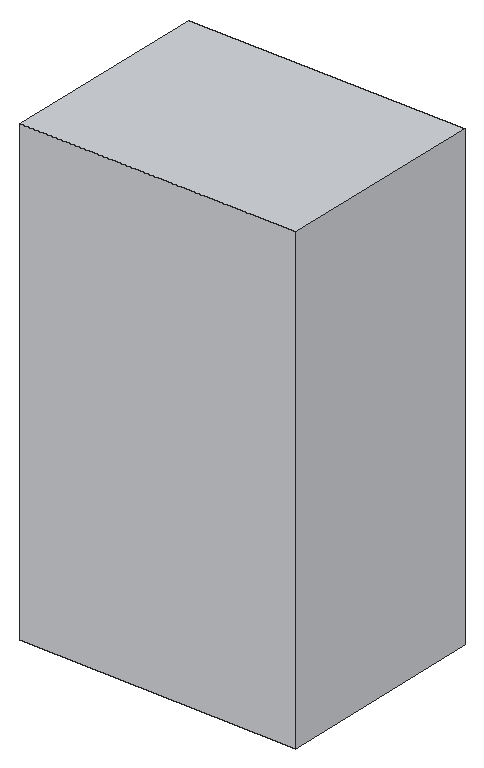
Revit family
Parameters
  Warranty Duration (Years) = 0
  Unit Width [instance] = 0' - 2"
  Unit Height [instance] = 0' - 2"
  Unit Depth = 0' - 3 3/8"
  URL = "http://www.americanspecialties.com/viewCategories.cfm"
  Trim Material = Metal - Stainless Steel
  Test Data = ""
  Specification = "http://www.arcat.com/sdspecs/htm/10810asi.htm"
  SpecWizard = ""
  Send Message = "http://www.arcat.com/users.pl?action=UserEmail&company=American%20Specialties,%20Inc.&coid=30448&rep=139&fax=914-476-0688&mf="
  Sales Information = "http://www.americanspecialties.com/contact"
  Revision = "R1_10-2010"
  Product Properties = "http://www.americanspecialties.com/datasheets/7301.pdf"
  Product Data = "http://www.arcat.com/arcatcos/cos30/arc30448.html"
  Model = "As Specified in 10 28 13"
  Manufacturer Website = "http://www.americanspecialties.com/viewCategories.cfm"
  Manufacturer Phone - Toll Free = ""
  Manufacturer Phone = "914-476-9000 "
  Manufacturer Fax = "914-476-0688"
  Manufacturer Address = "441 Saw Mill River Rd., Yonkers, NY 10701"
  Manufacturer = "American Specialties, Inc."
  Maintenance Schedule (Months) = 0
  Keynote = "10 28 13"
  Installation-Fabrication = "http://www.americanspecialties.com/products.cfm"
  Green Building-LEED = ""
  Expected Lifespan (Years) = 0
  Drawn By = "Robert S. Weygant. CSI, CDT, SCIP"  # constant formula
  Description = "Toilet Accessory as Specified in 10 28 13"
  Default Elevation = 4' - 0"
  Copyright = "©Arcat Inc."
  Construction Details = "http://www.arcat.com/green/clients/leed_data_30448.html"
  Building Codes = "http://www.americanspecialties.com/products.cfm"
  Body Material = Metal - Stainless Steel
  Assembly Code = "C1030210"
Reference planes (in)
  plane 1 "Center (Front/Back)": y = -3.59776
  plane 2 "Floor Line": z = 0
  plane 3 "Center (Left/Right)": x = -1.40843
  plane 4: z = 49
  plane 5: x = -2.40843
  plane 6: x = -0.40843
  plane 7: z = 48
  plane 8: z = 50
  plane 9: y = -2.59776
  plane 10: y = -4.59776
  plane 11: z = 3.375
Forms (in)
  Extrusion 1, solid
    sketch origin (-3, -9, -6) x (0, 0, -1) y (1, 0, 0)
      loop
        line (-82, 26) -> (-82, -19.34712) -> (-6, -19.34712) -> (-6, 26) -> (-82, 26)
    from 9 to -25.60721
  Extrusion 2, solid, material "Metal - Stainless Steel" <- "Body Material"
    sketch origin (0, 0, 0) x (1, 0, 0) y (0, 1, 0)
      loop
        arc (-2.34593, -2.59776) -> (-2.39013, -2.61606) -> (-2.40843, -2.66026) r 0.0625
        line (-2.40843, -2.66026) -> (-2.40843, -4.53526)
        arc (-2.40843, -4.53526) -> (-2.39013, -4.57945) -> (-2.34593, -4.59776) r 0.0625
        line (-2.34593, -4.59776) -> (-0.47093, -4.59776)
        arc (-0.47093, -4.59776) -> (-0.42674, -4.57945) -> (-0.40843, -4.53526) r 0.0625
        line (-0.40843, -4.53526) -> (-0.40843, -2.66026)
        arc (-0.40843, -2.66026) -> (-0.42674, -2.61606) -> (-0.47093, -2.59776) r 0.0625
        line (-0.47093, -2.59776) -> (-2.34593, -2.59776)
    from 0 to 0.4375
  Extrusion 3, solid, material "Metal - Stainless Steel" <- "Body Material"
    sketch origin (0, 0, 0) x (1, 0, 0) y (0, 1, 0)
      loop
        line (-1.65843, -3.09776) -> (-1.65843, -4.09776) -> (-1.15843, -4.09776) -> (-1.15843, -3.09776) -> (-1.65843, -3.09776)
    from 0.4375 to 3.375
  Extrusion 4, solid, material "Metal - Stainless Steel" <- "Body Material"
    sketch origin (0, 0, 3.4375) x (1, 0, 0) y (0, 1, 0)
      loop
        line (-1.78343, -2.97276) -> (-1.78343, -4.22276) -> (-1.03343, -4.22276) -> (-1.03343, -2.97276) -> (-1.78343, -2.97276)
    from -0.07612 to 0.04888
Dimensions and locks (in)
  equal spacing: plane 8, plane 4, plane 7
  equal spacing: plane 6, plane 3 "Center (Left/Right)", plane 5
  "Unit Width": plane 6 to plane 5
  "Unit Height": plane 8 to plane 7
  "Default Elevation": plane 7 to plane 2 "Floor Line"
  equal spacing: plane 9, plane 1 "Center (Front/Back)", plane 10
  "Unit Height": plane 9 to plane 10
  "Unit Depth": plane 11 to plane 2 "Floor Line"
  aligned and locked: Extrusion 1 to level
  aligned and locked: Extrusion 2 sketch curve to plane 9
  aligned and locked: Extrusion 2 sketch curve to plane 6
  aligned and locked: Extrusion 3 to Extrusion 2
  aligned and locked: Extrusion 2 to level
Automatic sketch dimensions
  Extrusion 1 sketch curve to Extrusion 1 sketch curve = 6' - 4"
  Extrusion 1 sketch curve to Extrusion 1 sketch curve = 3' - 9.34712"
  Extrusion 2 sketch curve to plane 5 = 0' - 0"
  Extrusion 2 sketch curve to plane 10 = 0' - 0"
  plane 5 to Extrusion 2 sketch curve = 0' - 0 1/16"  (x2)
  Extrusion 2 sketch curve to plane 6 = 0' - 0 1/16"  (x2)
  Extrusion 3 sketch curve to plane 3 "Center (Left/Right)" = 0' - 0 1/4"
  plane 3 "Center (Left/Right)" to Extrusion 3 sketch curve = 0' - 0 1/4"
  plane 1 "Center (Front/Back)" to Extrusion 3 sketch curve = 0' - 0 1/2"
  Extrusion 3 sketch curve to plane 1 "Center (Front/Back)" = 0' - 0 1/2"
  Extrusion 4 sketch curve to plane 3 "Center (Left/Right)" = 0' - 0 3/8"
  plane 3 "Center (Left/Right)" to Extrusion 4 sketch curve = 0' - 0 3/8"
  plane 10 to Extrusion 4 sketch curve = 0' - 0 3/8"
  Extrusion 4 sketch curve to plane 9 = 0' - 0 3/8"
